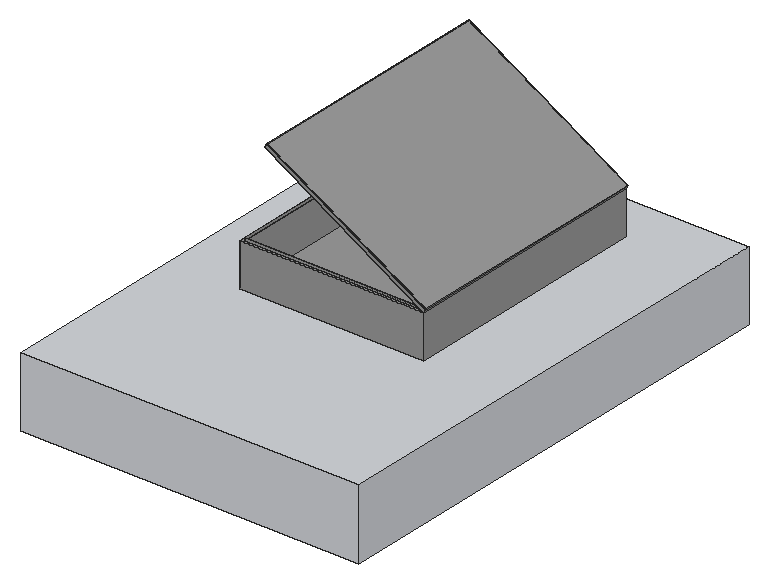
Revit family "Hager-Univers-IP44-D205-H1100-Cl.II-Encl-NL-en", category Equipement électrique, Revit 2020
Family settings
  Hôte = Face
  Configuration du panneau = Deux colonnes, circuits au sein
  Cote de connecteur circulaire = Utiliser le diamètre
  Type d'élément = Tableau de raccordement
  Couper avec des vides une fois chargée = Non
  Partagée = Non
  Point de calcul de pièce = Non
Parameters (values of type "Surface mounted (plaster) IP44 W800 H1100 D205  - FP73QS")
  Width Control [instance] = if([EF000008 - Width] > Min Width, [EF000008 - Width], Min Width)  # 800 mm
  Commentaires du type = [HG000003 - Range]  # "Univers"
  Thickness Door [instance] = if([EF009171 - Material plate thickness door/cover] > 3 mm, 3 mm, [EF009171 - Material plate thickness door/cover])  # 1 mm
  Seal Frame Offset [instance] = 17 mm  # constant formula
  Plinth Visibility [instance] = [HG000027 - Plinth height] > 0 mm  # no
  Model = ""
  Min Width [instance] = 100 mm  # constant formula
  Min Height [instance] = 100 mm  # constant formula
  Min Depth [instance] = (2 * [EF009170 - Material plate thickness cabinet]) + 1 mm  # 3 mm
  Internal Frame Depth [instance] = (Door System Depth * 0.5)  # 9 mm
  Height Control [instance] = if([EF000040 - Height] > Min Height, [EF000040 - Height], Min Height)  # 1100 mm
  HG000027 - Plinth height = 0 mm
  HG000026 - Floor standing = no
  HG000024 - Bottom section height = 800 mm
  HG000023 - Double section enclosure = no
  HG000016 - Door 3d visibility [instance] = yes
  HG000015 - Clearance visibility [instance] = no
  HG000014 - Door on the right [instance] = yes
  HG000013 - Door on the left [instance] = not([HG000014 - Door on the right])  # no
  HG000012 - Door swing angle [instance] = 30.00°
  HG000010 - Asymmetric doors = no
  HG000009 - Double swing door = no
  HG000006 - Flush mounted = no
  HG000004 - Manufacturer reference = "FP73QS"
  HG000003 - Range = "Univers"
  HG000002 - With door or cover = yes
  Frame Offset Bottom [instance] = 10 mm  # constant formula
  Frame Offset [instance] = 15 mm  # constant formula
  EF015940 - Cover with overpressure release = no
  EF011959 - Degree of protection (NEMA) = ""
  EF009554 - Number of openings for flange plates = 6
  EF009212 - Cover model = "EV000116 - Closed"
  EF009171 - Material plate thickness door/cover = 1 mm
  EF009170 - Material plate thickness cabinet = 1 mm
  Fabricant = "Hager"  # constant formula
  EF008873 - Nominal current (In) = 250 A
  EF007800 - Suitable for lightning protection = no
  EF006306 - With lock = no
  EF006244 - Transparent cover/door = no
  EF005474 - Degree of protection (IP) = "EV006418 - IP44"
  EF004464 - Type of door = "EV002646 - Single"
  EF004427 - Number of modules = 252
  EF004293 - Impact strength = "EV006815 - IK09"
  EF003532 - Suitable for outdoor use = no
  EF002950 - Width in number of modular spacings = 36
  EF001613 - Circuit integrity = "EV000494 - None"
  EF001596 - Material housing = "EV000179 - Steel"
  EF001131 - Internal depth = 143 mm
  EF001088 - Extension possible = yes
  EF000437 - Number of conduit inlets = 6
  EF000339 - Type of cover = "EV001012 - Cover"
  EF000266 - Number of rows = 7
  EF000218 - Built-in depth = 0 mm
  EF000118 - With mounting plate = no
  EF000116 - RAL-number = "9010"
  EF000049 - Depth = 205 mm
  EF000040 - Height = 1100 mm
  EF000008 - Width = 800 mm
  EF000007 - Colour = "EV000202 - White"
  EF000003 - Mounting method = "EV000384 - Surface mounted (plaster)"
  Door System Leaf Tolerance [instance] = 1.5 mm  # constant formula
  Door System Depth [instance] = 18 mm  # constant formula
  Door Height [instance] = Height Control - [HG000027 - Plinth height]  # 1100 mm
  Depth Control [instance] = if([EF000049 - Depth] > Min Depth, [EF000049 - Depth], Min Depth)  # 205 mm
  Default Elevation = 0 mm
  Connector Offset [instance] = Height Control / 2  # 550 mm
  Bottom Top Plate Trim [instance] = 1.5 mm  # constant formula
  Plinth height Ctrl [instance] = if([HG000027 - Plinth height] > 0 mm, [HG000027 - Plinth height], 12 mm)  # 12 mm
Types (5, lengths in mm): name | Width Control | HG000009 - Double swing door | HG000004 - Manufacturer reference | EF009554 - Number of openings for flange plates | EF004464 - Type of door | EF004427 - Number of modules | EF002950 - Width in number of modular spacings | EF000437 - Number of conduit inlets | EF000008 - Width
  Surface mounted (plaster) IP44 W1050 H1100 D205  - FP74QS | 1050 | yes | "FP74QS" | 8 | "EV003602 - Double" | 336 | 48 | 8 | 1050
  Surface mounted (plaster) IP44 W1300 H1100 D205  - FP75QS | 1300 | yes | "FP75QS" | 10 | "EV003602 - Double" | 420 | 60 | 10 | 1300
  Surface mounted (plaster) IP44 W300 H1100 D205  - FP71QS | 300 | no | "FP71QS" | 2 | "EV002646 - Single" | 84 | 12 | 2 | 300
  Surface mounted (plaster) IP44 W550 H1100 D205  - FP72QS | 550 | no | "FP72QS" | 4 | "EV002646 - Single" | 168 | 24 | 4 | 550
  Surface mounted (plaster) IP44 W800 H1100 D205  - FP73QS | 800 | no | "FP73QS" | 6 | "EV002646 - Single" | 252 | 36 | 6 | 800
Reference planes
  plane 1 "Center (Front/Back)": y = 0
  plane 2: z = 0
  plane 3 "Center (Left/Right)": x = 0
  plane 4: z = 205
  plane 5: y = 1
  plane 6: y = 550
  plane 7: y = 0
  plane 8: y = 1100
  plane 9: z = 0
  plane 10: x = -385
  plane 11: x = 385
  plane 12: x = 384
  plane 13: x = -384
  plane 14: y = 1099
  plane 15: x = -383
  plane 16: x = -400
  plane 17: x = 383
  plane 18: x = 400
  plane 19: x = 399
  plane 20: x = -399
  plane 21: y = 11
  plane 22: y = 1100
  plane 23: y = 1084
  plane 24: z = 187
  plane 25: z = 1
  plane 26: z = 186
  plane 27: z = 204
Forms (mm)
  Extrusion 1, solid
    sketch origin (0, 0, 0) x (1, 0, 0) y (0, 1, 0)
      loop
        line (-702.964, 1305) -> (-702.964, -811.445) -> (766.763, -811.445) -> (766.763, 1305) -> (-702.964, 1305)
    from 0 to -304.8
  Extrusion 2, solid, material "Hager_Steel_RAL7035_Light_Grey", visible <- "Plinth Visibility", detail levels medium+fine
    sketch origin (0, 0, 0) x (1, 0, 0) y (0, 1, 0)
      loop
        line (-400, 0) -> (400, 0) -> (400, 12) -> (-400, 12) -> (-400, 0)
    from 0 to 187
  Extrusion 3, solid, material "Hager_Steel_RAL7035_Light_Grey", detail levels medium+fine
    sketch origin (0, 0, 0) x (1, 0, 0) y (0, 1, 0)
      loop
        line (-400, 0) -> (400, 0) -> (400, 1100) -> (-400, 1100) -> (-400, 0)
    from 0 to 187
  Extrusion 4, void
    sketch origin (0, 0, 0) x (1, 0, 0) y (0, 1, 0)
      loop
        line (-399, 1) -> (399, 1) -> (399, 1099) -> (-399, 1099) -> (-399, 1)
    from 1 to 186
  Extrusion 5, void
    sketch origin (-381.607, -4572, 187) x (0, -1, 0) y (-1, 0, 0)
      loop
        line (-4583, 2.393) -> (-5656, 2.393) -> (-5656, -765.607) -> (-4583, -765.607) -> (-4583, 2.393)
    from 0 to 1 <- "EF009170 - Material plate thickness cabinet"
  Extrusion 6, solid, material "Hager_Steel_RAL7035_Light_Grey", detail levels fine
    sketch origin (0, 0, 187) x (1, 0, 0) y (0, 1, 0)
      loop
        line (-384, 1084) -> (-384, 11) -> (384, 11) -> (384, 1084) -> (-384, 1084)
      loop
        line (-385, 10) -> (385, 10) -> (385, 1085) -> (-385, 1085) -> (-385, 10)
    from 0 to 9 <- "Internal Frame Depth"
  Extrusion 7, solid, material "Hager_Steel_RAL7035_Light_Grey", detail levels coarse
    sketch origin (0, 0, 0) x (1, 0, 0) y (0, 1, 0)
      loop
        line (-400, 0) -> (400, 0) -> (400, 1100) -> (-400, 1100) -> (-400, 0)
    from 0 to 205
  Sweep 8, void
    path in 3D
      loop
        line (-400, 12, 0) -> (400, 12, 0) -> (400, 12, 187) -> (-400, 12, 187) -> (-400, 12, 0)
    profile origin (-400, 12, 93.5) x (-1, 0, 0) y (0, -1, 0)
      loop
        line (0, 0) -> (0, 1.5) -> (-1.5, 1.5)
        arc (-1.5, 1.5) -> (-1.061, 0.439) -> (0, 0) r 1.5
Cuts and joins
  Extrusion 4, Extrusion 5 cuts Extrusion 3
  Sweep 8 cuts Extrusion 2
Lines and regions (mm)
  Masking region 1
    outline origin (0, 0, 0) x (1, 0, 0) y (0, 0, 1)
      loop
        line (-400, 205) -> (-400, 0) -> (400, 0) -> (400, 205) -> (-400, 205)
  Masking region 2, detail levels medium+fine
    outline origin (0, 140, 0) x (0, 1, 0) y (0, 0, 1)
      loop
        line (-140, 0) -> (960, 0) -> (960, 187) -> (-140, 187) -> (-140, 0)
  Masking region 3, not visible, detail levels medium+fine
    outline origin (0, 297.922, 0) x (0, 1, 0) y (0, 0, 1)
      loop
        line (263.578, 0) -> (303.578, 0) -> (303.578, 194)
        arc (303.578, 194) -> (300.649, 201.071) -> (293.578, 204) r 10
        line (293.578, 204) -> (263.578, 204) -> (263.578, 0)
  Masking region 4, detail levels coarse
    outline origin (0, 0, 180) x (0, 1, 0) y (0, 0, 1)
      loop
        line (0, -180) -> (1100, -180) -> (1100, 25) -> (0, 25) -> (0, -180)
  Masking region 5, visible <- "Plinth Visibility", detail levels medium+fine
    outline origin (0, 52.24, 12.345) x (0, 0, -1) y (0, 1, 0)
      loop
        line (10.845, -40.24) -> (-173.155, -40.24)
        arc (-173.155, -40.24) -> (-173.594, -41.301) -> (-174.655, -41.74) r 1.5
        line (-174.655, -41.74) -> (-174.655, -52.24) -> (12.345, -52.24) -> (12.345, -41.74)
        arc (12.345, -41.74) -> (11.285, -41.301) -> (10.845, -40.24) r 1.5
  Masking region 6, detail levels medium+fine
    outline origin (-381.607, -4572, 187) x (-1, 0, 0) y (0, -1, 0)
      loop
        line (18.393, -5672) -> (18.393, -4572) -> (-781.607, -4572) -> (-781.607, -5672) -> (18.393, -5672)
  Masking region 7, visible <- "Plinth Visibility", detail levels medium+fine
    outline origin (-381.607, -4727, 187) x (-1, 0, 0) y (0, -1, 0)
      loop
        arc (16.893, -4739) -> (17.332, -4737.939) -> (18.393, -4737.5) r 1.5
        line (18.393, -4737.5) -> (18.393, -4727) -> (-781.607, -4727) -> (-781.607, -4737.5)
        arc (-781.607, -4737.5) -> (-780.546, -4737.939) -> (-780.107, -4739) r 1.5
        line (-780.107, -4739) -> (16.893, -4739)
  Masking region 8, detail levels coarse
    outline origin (-442.548, -4669.526, 187) x (-1, 0, 0) y (0, -1, 0)
      loop
        line (-42.548, -5769.526) -> (-42.548, -4669.526) -> (-842.548, -4669.526) -> (-842.548, -5769.526) -> (-42.548, -5769.526)
  sketch lines
    curve 1: line (-400, 12, 187) -> (-400, 12, 0)
    curve 2: line (400, 12, 187) -> (-400, 12, 187)
    curve 3: line (400, 12, 187) -> (400, 12, 0)
    curve 4: line (-400, 12, 0) -> (400, 12, 0)
Dimensions and locks
  "Depth Control": plane 4 to Extrusion 1
  "HG000027 - Plinth height": plane 1 "Center (Front/Back)" to plane 7
  "EF009170 - Material plate thickness cabinet": plane 5 to plane 7
  locked: connector elem to plane 3 "Center (Left/Right)"
  equal spacing: plane 8, plane 6, plane 7
  locked: connector elem to plane 6
  "EF009170 - Material plate thickness cabinet": plane 8 to plane 14
  "EF009170 - Material plate thickness cabinet": plane 10 to plane 13
  "EF009170 - Material plate thickness cabinet": plane 12 to plane 11
  "Frame Offset": plane 20 to plane 13
  "Frame Offset": plane 12 to plane 19
  "EF009170 - Material plate thickness cabinet": plane 16 to plane 20
  "EF009170 - Material plate thickness cabinet": plane 19 to plane 18
  "Seal Frame Offset": plane 16 to plane 15
  "Seal Frame Offset": plane 17 to plane 18
  "Frame Offset Bottom": plane 21 to plane 5
  "Frame Offset": plane 14 to plane 23
  equal spacing: plane 16, plane 3 "Center (Left/Right)", plane 18
  "Width Control": plane 16 to plane 18
  "EF009170 - Material plate thickness cabinet": plane 4 to plane 27
  "EF009170 - Material plate thickness cabinet": plane 24 to plane 26
  "EF009170 - Material plate thickness cabinet": plane 25 to level
  "Door System Depth": plane 4 to plane 24
  "Height Control": plane 1 "Center (Front/Back)" to Extrusion 7 sketch curve
  "Height Control": Masking region 4 sketch curve to plane 1 "Center (Front/Back)"
  "Height Control": plane 1 "Center (Front/Back)" to plane 22
  "Bottom Top Plate Trim": profile plane to Sweep 8 sketch curve
  "Bottom Top Plate Trim": Sweep 8 sketch curve to profile plane
  "Plinth height Ctrl": plane 1 "Center (Front/Back)" to Extrusion 2 sketch curve
  "Plinth height Ctrl": Masking region 5 sketch curve to plane 1 "Center (Front/Back)"
  "Plinth height Ctrl": plane 1 "Center (Front/Back)" to Masking region 7 sketch curve
  "Thickness Door": Extrusion 6 sketch curve to Extrusion 6 sketch curve  (x3)
  "Thickness Door": cut or joined group of Extrusion 3, Extrusion 4, Extrusion 5 to Extrusion 6 sketch curve
  radius of Masking region 3 sketch curve = 10 mm
  "Bottom Top Plate Trim": radius of Masking region 5 sketch curve  (x2)
  "Bottom Top Plate Trim": radius of Sweep 8 sketch curve
  "Bottom Top Plate Trim": radius of Masking region 7 sketch curve  (x2)
  aligned and locked: plane 2 to Extrusion 1
  aligned and locked: level to Extrusion 1
  aligned and locked: level to Masking region 1 sketch curve
  aligned and locked: Masking region 1 sketch curve to plane 18
  aligned and locked: Masking region 1 sketch curve to plane 16
  aligned and locked: plane 7 to Masking region 2 sketch curve
  aligned and locked: level to Masking region 3 sketch curve
  aligned and locked: Masking region 3 sketch curve to plane 27
  aligned and locked: level to Masking region 2 sketch curve
  aligned and locked: plane 1 "Center (Front/Back)" to Extrusion 2 sketch curve
  aligned and locked: Extrusion 3 sketch curve to plane 7
  aligned and locked: plane 16 to Extrusion 3 sketch curve
  aligned and locked: plane 18 to Extrusion 3 sketch curve
  aligned and locked: plane 20 to Extrusion 4 sketch curve
  aligned and locked: plane 19 to Extrusion 4 sketch curve
  aligned and locked: Extrusion 4 sketch curve to plane 5
  aligned and locked: Extrusion 4 to plane 25
  aligned and locked: plane 26 to Extrusion 4
  aligned and locked: plane 24 to Extrusion 3
  aligned and locked: Extrusion 5 sketch curve to plane 21
  aligned and locked: Extrusion 5 sketch curve to plane 13
  aligned and locked: Extrusion 5 sketch curve to plane 12
  aligned and locked: plane 18 to Extrusion 7 sketch curve
  aligned and locked: plane 1 "Center (Front/Back)" to Extrusion 7 sketch curve
  aligned and locked: plane 16 to Extrusion 7 sketch curve
  aligned and locked: plane 4 to Extrusion 7
  aligned and locked: Extrusion 7 to level
  aligned and locked: level to Masking region 4 sketch curve
  aligned and locked: Masking region 4 sketch curve to plane 1 "Center (Front/Back)"
  aligned and locked: Masking region 4 sketch curve to plane 4
  aligned and locked: nested 1 to level
  aligned and locked: nested 1 to plane 16
  aligned and locked: plane 8 to Extrusion 3 sketch curve
  aligned and locked: plane 23 to Extrusion 5 sketch curve
  aligned and locked: plane 14 to Extrusion 4 sketch curve
  aligned and locked: Masking region 2 sketch curve to plane 8
  aligned and locked: level to Masking region 5 sketch curve
  aligned and locked: plane 16 to Extrusion 2 sketch curve
  aligned and locked: plane 18 to Extrusion 2 sketch curve
  aligned and locked: Masking region 5 sketch curve to plane 24
  aligned and locked: Masking region 2 sketch curve to plane 24
  aligned and locked: plane 24 to Extrusion 2
  aligned and locked: profile plane to Sweep 8 sketch curve  (x2)
  aligned and locked: Masking region 6 sketch curve to plane 18
  aligned and locked: Masking region 6 sketch curve to plane 22
  aligned and locked: Masking region 6 sketch curve to plane 16
  aligned and locked: plane 8 to plane 22
  aligned and locked: Masking region 6 sketch curve to plane 7
  aligned and locked: Masking region 7 sketch curve to plane 16
  aligned and locked: Masking region 7 sketch curve to plane 1 "Center (Front/Back)"
  aligned and locked: Masking region 7 sketch curve to plane 18
  aligned and locked: Masking region 8 sketch curve to plane 1 "Center (Front/Back)"
  aligned and locked: Masking region 8 sketch curve to plane 18
  aligned and locked: Masking region 8 sketch curve to plane 22
  aligned and locked: Masking region 8 sketch curve to plane 16
  aligned and locked: nested 2 to plane 7
  aligned and locked: plane 3 "Center (Left/Right)" to nested 2
  aligned and locked: nested 2 to plane 24
  aligned and locked: Extrusion 6 sketch curve to cut or joined group of Extrusion 3, Extrusion 4, Extrusion 5  (x4)
Automatic sketch dimensions
  Extrusion 1 sketch curve to Extrusion 1 sketch curve = 1469.727 mm
  Extrusion 1 sketch curve to Extrusion 1 sketch curve = 2116.445 mm
  Masking region 1 sketch curve to plane 4 = 0 mm
  plane 6 to Masking region 3 sketch curve = 11.5 mm
  Masking region 3 sketch curve to Masking region 3 sketch curve = 30 mm
  Masking region 5 sketch curve to plane 1 "Center (Front/Back)" = 0 mm
Nested families
  nested 1: "Hager_Enclosure_Symbol" at (-400, 0, 0) x (1, 0, 0) z (0, -1, 0), Height <- "Depth Control", Width <- "Width Control", type "Hager_Enclosure_Symbol"
    with Width_Ctrl 800 mm, Width 800 mm, Height_Ctrl 205 mm, Height 205 mm, A_Width_Int 13.453 mm, A_Width 161.438 mm, A_Height_Ctrl 179.375 mm, A_Height 179.375 mm
  nested 2: "EC000058_Univers_Door" at (0, 0, 187) x (1, 0, 0) z (0, 1, 0), Leaf_Tolerance <- "Door System Leaf Tolerance", Angle <- "HG000012 - Door swing angle", Door_Depth <- "Door System Depth", Door_Left <- "HG000013 - Door on the left", Transparent <- "EF006244 - Transparent cover/door", Assymetrical <- "HG000010 - Asymmetric doors", Width <- "Width Control", Clearance <- "HG000015 - Clearance visibility", Double <- "HG000009 - Double swing door", 3d_Door <- "HG000016 - Door 3d visibility", Lock_Visibility <- "EF006306 - With lock", Width_Ctrl <- "Width Control", Door_Right <- "HG000014 - Door on the right", Door <- "HG000002 - With door or cover", Height <- "Door Height", Thickness <- "Thickness Door", type "EC000058_Univers_Door", detail levels medium+fine
    with min_wh 3 mm, Width_Ctrl 800 mm, Width 800 mm, Transparent no, Thickness 1 mm, Seal_Material Hager_Rubber, Lock_Visibility no, Lock_Material Hager_Plastic_RAL9005_Jet_Black, Leaf_Width 800 mm, Leaf_Tolerance_External_Sides 0 mm, Leaf_Tolerance 1.5 mm, Leaf_Offset 0 mm, Leaf_Height 1097 mm, Leaf_2_Width 800 mm, Leaf_2_Offset 400 mm, Leaf_1_Width 800 mm, Leaf_1_Offset 400 mm, Height_Ctrl 1100 mm, Height 1100 mm, Glass_Material Hager_Glass, Double_Clearance_Ctrl no, Double no, Door_Right_Ctrl yes, Door_Right yes, Door_Material Hager_Steel_RAL7035_Light_Grey, Door_Left_Ctrl no, Door_Left no, Door_Depth 18 mm, Door yes, Clearance_Material Hager_Clearance, Clearance_Depth 800 mm, Clearance_Ctrl no, Clearance no, Assymetrical no, Angle 30.00°, 3d_Door yes
Connectors
  electrical at (0, 550, 0)
    settings: on plane 9, index 1, voltage 0 V, apparent load 0 VA, apparent load phase1 0 VA, apparent load phase2 0 VA, apparent load phase3 0 VA, power factor 1, load classification "Other", number of poles 1, system type 30, power factor state 1, is connector primary yes, connector utility no, sub classification motor no, connector description ""
Definition of nested family "EC000058_Univers_Door"
  Parameters (values of type "EC000058_Univers_Door")
    min_wh [instance] = (2 * Thickness) + 1 mm  # 11 mm
    Width_Ctrl [instance] = 400 mm
    Width [instance] = 500 mm
    Transparent [instance] = yes
    Thickness [instance] = 5 mm
    Seal_Material [instance] = none
    Lock_Visibility [instance] = yes
    Lock_Material [instance] = none
    Leaf_Width [instance] = if((Width_Ctrl - 2 * Leaf_Tolerance_External_Sides) > 0 mm, (Width_Ctrl - 2 * Leaf_Tolerance_External_Sides), min_wh)  # 400 mm
    Leaf_Tolerance_External_Sides [instance] = 0 mm  # constant formula
    Leaf_Tolerance [instance] = 1.5 mm
    Leaf_Offset [instance] = 0 mm  # constant formula
    Leaf_Height [instance] = if((Height_Ctrl - 2 * Leaf_Tolerance) > 0 mm, (Height_Ctrl - 2 * Leaf_Tolerance), min_wh)  # 497 mm
    Leaf_2_Width [instance] = if(and(and(Double, Assymetrical), Door_Left), (Leaf_Width / 3) - (Leaf_Tolerance / 2), if(and(and(Double, Assymetrical), Door_Right), (Leaf_Width / 3) * 2 - (Leaf_Tolerance / 2), if(and(Double, not(Assymetrical)), (Leaf_Width / 2) - Leaf_Tolerance, Leaf_Width)))  # 400 mm
    Leaf_2_Offset [instance] = if(and(Double, Assymetrical), Leaf_2_Width / 2, if(and(Double, not(Assymetrical)), Leaf_Width / 4, Leaf_Width / 2))  # 200 mm
    Leaf_1_Width [instance] = if(and(and(Double, Assymetrical), Door_Right), (Leaf_Width / 3) - (Leaf_Tolerance / 2), if(and(and(Double, Assymetrical), Door_Left), (Width / 3) * 2 - (Leaf_Tolerance / 2), if(and(Double, not(Assymetrical)), (Leaf_Width / 2) - Leaf_Tolerance, Leaf_Width)))  # 400 mm
    Leaf_1_Offset [instance] = if(and(Double, Assymetrical), Leaf_1_Width / 2, if(and(Double, not(Assymetrical)), Leaf_Width / 4, Leaf_Width / 2))  # 200 mm
    Height_Ctrl [instance] = if(Height > min_wh, Height, min_wh)  # 500 mm
    Height [instance] = 500 mm
    Glass_Material [instance] = none
    Double_Clearance_Ctrl [instance] = and(Double, Clearance)  # no
    Double [instance] = no
    Door_Right_Ctrl [instance] = and(or(Door_Right, Double), Door)  # yes
    Door_Right [instance] = yes
    Door_Material [instance] = none
    Door_Left_Ctrl [instance] = and(or(Door_Left, Double), Door)  # no
    Door_Left [instance] = no
    Door_Depth [instance] = 30 mm
    Door [instance] = yes
    Default Elevation = 1219.2 mm
    Clearance_Material [instance] = none
    Clearance_Depth [instance] = if(Leaf_1_Width > Leaf_2_Width, Leaf_1_Width, Leaf_2_Width)  # 400 mm
    Clearance_Ctrl [instance] = and(not(Double), Clearance)  # yes
    Clearance [instance] = yes
    Assymetrical [instance] = yes
    Angle [instance] = 30.00°
    3d_Door [instance] = yes
  Reference planes
    plane 1 "Center (Front/Back)": y = 0
    plane 2 "Bottom": z = 0
    plane 3 "Center (Left/Right)": x = 0
    plane 4: z = 500
    plane 5: x = -200
    plane 6: x = 200
    plane 7: z = 500
    plane 8: x = -200
    plane 9: z = 0
    plane 10: x = 200
    plane 11: y = 0
    plane 12: z = 1.5
    plane 13: x = -600
    plane 14: y = -400
    plane 15: x = 600
    plane 16: x = 0
    plane 17: x = 0
    plane 18: x = -200
    plane 19: x = 200
    plane 20: z = 498.5
  Forms (mm)
    Extrusion 1, solid, material <- "Clearance_Material", visible <- "Double_Clearance_Ctrl"
      sketch origin (1200, 0, 0) x (1, 0, 0) y (0, 0, -1)
        loop
          line (-1800, -498.5) -> (-600, -498.5) -> (-600, 0) -> (-1800, 0) -> (-1800, -498.5)
      from 0 to -400
  Dimensions and locks
    equal spacing: plane 5, plane 3 "Center (Left/Right)", plane 6
    "Width_Ctrl": plane 5 to plane 6
    "Leaf_Offset": plane 5 to plane 8
    "Leaf_Offset": plane 6 to plane 10
    "Leaf_Offset": plane 9 to level
    "Leaf_Offset": plane 4 to plane 7
    "Height_Ctrl": plane 4 to level
    "Leaf_Tolerance": plane 12 to plane 9
    locked: plane 11 to plane 1 "Center (Front/Back)"
    "Leaf_1_Offset": plane 18 to plane 16
    "Leaf_2_Offset": plane 17 to plane 19
    "Leaf_1_Width": plane 13 to plane 8
    "Leaf_2_Width": plane 10 to plane 15
    "Clearance_Depth": plane 14 to plane 1 "Center (Front/Back)"
    "Leaf_Tolerance_External_Sides": plane 8 to plane 18
    "Leaf_Tolerance_External_Sides": plane 19 to plane 10
    "Leaf_Tolerance": plane 7 to plane 20
    aligned and locked: level to plane 2 "Bottom"
    aligned and locked: nested 1 to plane 16
    aligned and locked: nested 2 to plane 17
    aligned and locked: Extrusion 1 to plane 13
    aligned and locked: plane 15 to Extrusion 1
    aligned and locked: Extrusion 1 to plane 14
    aligned and locked: plane 12 to nested 1
    aligned and locked: nested 2 to plane 12
    aligned and locked: Extrusion 1 to plane 11
    aligned and locked: plane 20 to Extrusion 1
    aligned and locked: nested 2 to plane 11
    aligned and locked: nested 1 to plane 11
  Automatic sketch dimensions
    Extrusion 1 sketch curve to level = 0 mm
    plane 5 to Extrusion 1 sketch curve = 400 mm
    plane 6 to Extrusion 1 sketch curve = 400 mm
    Extrusion 1 sketch curve to plane 4 = 1.5 mm
  Nested families
    nested 1: "EC000058_Univers_Door_Leaf" at (0, 0, 1.5), Width <- "Leaf_1_Width", visible <- "Door_Left_Ctrl", Leaf_Height <- "Leaf_Height", Angle <- "Angle", 3d_Door <- "3d_Door", Transparent <- "Transparent", Clearance Material <- "Clearance_Material", Clearance <- "Clearance_Ctrl", Door_Material <- "Door_Material", Glass_Material <- "Glass_Material", Door_Depth <- "Door_Depth", Lock_Material <- "Lock_Material", Seal_Material <- "Seal_Material", Lock_Visibility <- "Lock_Visibility", Thickness <- "Thickness", type "EC000058_Univers_Door_Leaf"
      with Width 400 mm, Transparent_Glass_Offset 30 mm, Transparent_Ctrl yes, Transparent yes, Thickness 5 mm, Standard no, Seal_Material none, Seal_D2 8 mm, Seal_D1 1 mm, Offset_Internal_Frame 10 mm, Lock_Width 20 mm, Lock_Visibility_3d yes, Lock_Visibility yes, Lock_Thickness_3 3 mm, Lock_Thickness_2 1 mm, Lock_Thickness_1 3 mm, Lock_Radius_Offset_2 16 mm, Lock_Radius_Offset_1 15 mm, Lock_Radius_2 5 mm, Lock_Radius 6 mm, Lock_Offset 5 mm, Lock_Material none, Lock_Height 80 mm, Lock_Cover_Top_Offset_2d 17 mm, Lock_Cover_Height -65 mm, Leaf_Height 497 mm, Internal_Seal_Thickness 8 mm, Internal_Seal_Depth_2 4.5 mm, Internal_Frame_Depth 25 mm, Glass_Thickness -1 mm, Glass_Offset -2 mm, Glass_Material none, Door_Material none, Door_Depth 30 mm, Clearance Material none, Clearance yes, Angle_Ctrl 30.00°, Angle 30.00°, 3d_Door yes
    nested 2: "EC000058_Univers_Door_Leaf" at (0, 0, 1.5) x (-1, 0, 0) z (0, 0, 1), Width <- "Leaf_2_Width", visible <- "Door_Right_Ctrl", Leaf_Height <- "Leaf_Height", Angle <- "Angle", 3d_Door <- "3d_Door", Transparent <- "Transparent", Clearance Material <- "Clearance_Material", Clearance <- "Clearance_Ctrl", Door_Material <- "Door_Material", Glass_Material <- "Glass_Material", Door_Depth <- "Door_Depth", Lock_Material <- "Lock_Material", Seal_Material <- "Seal_Material", Lock_Visibility <- "Lock_Visibility", Thickness <- "Thickness", type "EC000058_Univers_Door_Leaf"
      with Width 400 mm, Transparent_Glass_Offset 30 mm, Transparent_Ctrl yes, Transparent yes, Thickness 5 mm, Standard no, Seal_Material none, Seal_D2 8 mm, Seal_D1 1 mm, Offset_Internal_Frame 10 mm, Lock_Width 20 mm, Lock_Visibility_3d yes, Lock_Visibility yes, Lock_Thickness_3 3 mm, Lock_Thickness_2 1 mm, Lock_Thickness_1 3 mm, Lock_Radius_Offset_2 16 mm, Lock_Radius_Offset_1 15 mm, Lock_Radius_2 5 mm, Lock_Radius 6 mm, Lock_Offset 5 mm, Lock_Material none, Lock_Height 80 mm, Lock_Cover_Top_Offset_2d 17 mm, Lock_Cover_Height -65 mm, Leaf_Height 497 mm, Internal_Seal_Thickness 8 mm, Internal_Seal_Depth_2 4.5 mm, Internal_Frame_Depth 25 mm, Glass_Thickness -1 mm, Glass_Offset -2 mm, Glass_Material none, Door_Material none, Door_Depth 30 mm, Clearance Material none, Clearance yes, Angle_Ctrl 30.00°, Angle 30.00°, 3d_Door yes
  Definition of nested family "EC000058_Univers_Door_Leaf"
    Parameters (values of type "EC000058_Univers_Door_Leaf")
      Width [instance] = 2000 mm
      Transparent_Glass_Offset [instance] = 30 mm
      Transparent_Ctrl [instance] = and(Transparent, [3d_Door])  # yes
      Transparent [instance] = yes
      Thickness [instance] = 5 mm
      Standard [instance] = and(not(Transparent), [3d_Door])  # no
      Seal_Material [instance] = none
      Seal_D2 [instance] = 8 mm  # constant formula
      Seal_D1 [instance] = 1 mm  # constant formula
      Offset_Internal_Frame [instance] = 10 mm  # constant formula
      Lock_Width [instance] = 20 mm  # constant formula
      Lock_Visibility_3d [instance] = and(Lock_Visibility, [3d_Door])  # yes
      Lock_Visibility [instance] = yes
      Lock_Thickness_3 [instance] = 3 mm  # constant formula
      Lock_Thickness_2 [instance] = 1 mm  # constant formula
      Lock_Thickness_1 [instance] = 3 mm  # constant formula
      Lock_Radius_Offset_2 [instance] = Lock_Radius_Offset_1 + 1 mm  # 16 mm
      Lock_Radius_Offset_1 [instance] = 15 mm  # constant formula
      Lock_Radius_2 [instance] = Lock_Radius - 1 mm  # 5 mm
      Lock_Radius [instance] = 6 mm  # constant formula
      Lock_Offset [instance] = 5 mm  # constant formula
      Lock_Material [instance] = none
      Lock_Height [instance] = 80 mm  # constant formula
      Lock_Cover_Top_Offset_2d [instance] = Lock_Radius_Offset_2 + 1 mm  # 17 mm
      Lock_Cover_Height [instance] = -(Lock_Height - Lock_Radius_Offset_1)  # -65 mm
      Leaf_Height [instance] = 2720.336 mm
      Internal_Seal_Thickness [instance] = 8 mm  # constant formula
      Internal_Seal_Depth_2 [instance] = 4.5 mm  # constant formula
      Internal_Frame_Depth [instance] = if(Door_Depth - Thickness > 5 mm, Door_Depth - Thickness, 5 mm)  # 25 mm
      Glass_Thickness [instance] = if(Thickness > 15 mm, Glass_Offset + 10 mm, -1 mm)  # -1 mm
      Glass_Offset [instance] = if(Thickness > 15 mm, -(Thickness + 10 mm) / 2, -2 mm)  # -2 mm
      Glass_Material [instance] = none
      Door_Material [instance] = none
      Door_Depth [instance] = 30 mm
      Default Elevation = 0 mm
      Clearance Material [instance] = none
      Clearance [instance] = yes
      Angle_Ctrl [instance] = if(Angle > 180.00°, 180.00°, Angle)  # 90.00°
      Angle [instance] = 90.00°
      3d_Door [instance] = yes
    Reference planes
      plane 1 "Center (Front/Back)": y = 0
      plane 2: z = 0
      plane 3 "Center (Left/Right)": x = 0
      plane 4: y = 2000
      plane 5: x = -1000
      plane 6: x = 1000
      plane 7: x = -3000
      plane 8: z = 2720.336
      plane 9: z = 30
      plane 10: z = 2690.336
      plane 11: x = 970
      plane 12: x = -970
      plane 13: y = -3
      plane 14: z = 107.833
      plane 15: y = -5
      plane 16: y = -223.314
      plane 17: x = -1000
      plane 18: z = 1360.168
      plane 19: y = 30
    Forms (mm)
      Extrusion 1, solid, material <- "Clearance Material", visible <- "Clearance"
        sketch origin (0, 0, 0) x (1, 0, 0) y (0, 0, 1)
          loop
            line (-3000, 2720.336) -> (-3000, 0) -> (1000, 0) -> (1000, 2720.336) -> (-3000, 2720.336)
        from 0 to -2000
      Extrusion 2, solid, material <- "Door_Material", visible <- "Standard", detail levels medium+fine
        sketch origin (-1000, 0, 0) x (0, 1, 0) y (-1, 0, 0)
          loop
            line (0, 30) -> (0, 25) -> (2000, 25) -> (2000, 30) -> (0, 30)
        from 0 to 2720.336 <- "Leaf_Height"
      Extrusion 3, solid, material <- "Door_Material", visible <- "Transparent_Ctrl", detail levels medium+fine
        sketch origin (-1000, 0, 0) x (0, 1, 0) y (-1, 0, 0)
          loop
            line (0, 25) -> (2000, 25) -> (2000, 30) -> (0, 30) -> (0, 25)
        from 0 to 2720.336 <- "Leaf_Height"
      Extrusion 4, void
        sketch origin (-1025, 2000, 0) x (0, 1, 0) y (0, 0, -1)
          loop
            line (-30, -2690.336) -> (-30, -30) -> (-1970, -30) -> (-1970, -2690.336) -> (-30, -2690.336)
        from 0 to 5 <- "Thickness"
      Sweep 5, solid, material <- "Seal_Material", visible <- "Transparent_Ctrl", detail levels fine
        path in 3D
          loop
            line (-1025, 30, 30) -> (-1025, 30, 2690.336) -> (-1025, 1970, 2690.336) -> (-1025, 1970, 30) -> (-1025, 30, 30)
        profile origin (-1025, 1000, 30) x (1, 0, 0) y (0, 0, 1)
          loop
            line (0, 0) -> (0, -8) -> (1, -8) -> (1, 0) -> (0, 0)
      Extrusion 6, solid, material <- "Glass_Material", visible <- "Transparent_Ctrl", detail levels medium+fine
        sketch origin (-1030, 0, 0) x (0, 1, 0) y (0, 0, -1)
          loop
            line (1970, -2690.336) -> (1970, -30) -> (30, -30) -> (30, -2690.336) -> (1970, -2690.336)
        from -2 <- "Glass_Offset" to -1 <- "Glass_Thickness"
      Extrusion 7, solid, material <- "Door_Material", visible <- "3d_Door", detail levels medium+fine
        sketch origin (-1025, 2000, 0) x (0, -1, 0) y (0, 0, -1)
          loop
            line (0, -2720.336) -> (2000, -2720.336) -> (2000, 0) -> (0, 0) -> (0, -2720.336)
          loop
            line (1995, -5) -> (5, -5) -> (5, -2715.336) -> (1995, -2715.336) -> (1995, -5)
        from 0 to 25 <- "Internal_Frame_Depth"
      Sweep 8, solid, material <- "Seal_Material", visible <- "Transparent_Ctrl", detail levels fine
        path in 3D
          loop
            line (-1025, 0, 0) -> (-1025, 2000, 0) -> (-1025, 2000, 2720.336) -> (-1025, 0, 2720.336) -> (-1025, 0, 0)
        profile origin (-1025, 0, 1360.168) x (1, 0, 0) y (0, 1, 0)
          loop
            line (0, 10) -> (2.975, 10)
            arc (2.975, 10) -> (4.053, 10.447) -> (4.5, 11.525) r 1.525
            line (4.5, 11.525) -> (4.5, 16.527)
            arc (4.5, 16.527) -> (4.069, 17.569) -> (3.027, 18) r 1.473
            line (3.027, 18) -> (0, 18) -> (0, 10)
      Extrusion 9, solid, material <- "Lock_Material", visible <- "Lock_Visibility_3d", detail levels fine
        sketch origin (-1030, 0, 0) x (0, 1, 0) y (0, 0, -1)
          loop
            arc (1993.5, -1400.168) -> (1994.561, -1399.729) -> (1995, -1398.668) r 1.5
            line (1995, -1398.668) -> (1995, -1320.168) -> (1975, -1320.168) -> (1975, -1398.668)
            arc (1975, -1398.668) -> (1975.439, -1399.729) -> (1976.5, -1400.168) r 1.5
            line (1976.5, -1400.168) -> (1993.5, -1400.168)
        from 3 <- "Lock_Thickness_1" to 0
      Blend 10, solid, material <- "Lock_Material", visible <- "Lock_Visibility_3d", detail levels fine
        base sketch origin (-1033, 0, 0) x (0, 1, 0) y (0, 0, -1)
          loop
            line (1975, -1320.168) -> (1975, -1398.668)
            arc (1975, -1398.668) -> (1975.439, -1399.729) -> (1976.5, -1400.168) r 1.5
            line (1976.5, -1400.168) -> (1993.5, -1400.168)
            arc (1993.5, -1400.168) -> (1994.561, -1399.729) -> (1995, -1398.668) r 1.5
            line (1995, -1398.668) -> (1995, -1320.168) -> (1975, -1320.168)
        top sketch origin (-1033, 0, 0) x (0, 1, 0) y (0, 0, -1)
          loop
            line (1976, -1320.168) -> (1976, -1398.668)
            arc (1976, -1398.668) -> (1976.146, -1399.022) -> (1976.5, -1399.168) r 0.5
            line (1976.5, -1399.168) -> (1993.5, -1399.168)
            arc (1993.5, -1399.168) -> (1993.854, -1399.022) -> (1994, -1398.668) r 0.5
            line (1994, -1398.668) -> (1994, -1320.168) -> (1976, -1320.168)
        from 0 to 1 <- "Lock_Thickness_2"
      Blend 11, solid, material <- "Lock_Material", visible <- "Lock_Visibility_3d", detail levels fine
        base sketch origin (-1034, 0, 0) x (0, 1, 0) y (0, 0, -1)
          loop
            line (1978, -1320.168) -> (1978, -1384.168)
            arc (1978, -1384.168) -> (1985, -1391.168) -> (1992, -1384.168) r 7
            line (1992, -1384.168) -> (1992, -1320.168) -> (1978, -1320.168)
        top sketch origin (-1034, 0, 0) x (0, 1, 0) y (0, 0, -1)
          loop
            line (1991, -1320.168) -> (1979, -1320.168) -> (1979, -1383.168)
            arc (1979, -1383.168) -> (1985, -1389.168) -> (1991, -1383.168) r 6
            line (1991, -1383.168) -> (1991, -1320.168)
        from 0 to 3 <- "Lock_Thickness_3"
      Extrusion 12, solid, material <- "Lock_Material", visible <- "Lock_Visibility_3d", detail levels fine
        sketch origin (-1030, 1975, 1320.168) x (1, 0, 0) y (0, -1, 0)
          loop
            line (-7, -19) -> (-7, -1) -> (0, -1) -> (0, 0) -> (-8, 0) -> (-8, -20) -> (0, -20) -> (0, -19) -> (-7, -19)
        from 0 to -65 <- "Lock_Cover_Height"
      Extrusion 13, void
        sketch origin (-1038, 1995, 1320.168) x (-1, 0, 0) y (0, 0, -1)
          loop
            line (-5, -65) -> (0, -65) -> (-5, -60) -> (-5, -65)
        from 0 to 20 <- "Lock_Width"
      Extrusion 14, void
        sketch origin (-1038, 1975, 1320.168) x (0, -1, 0) y (0, 0, -1)
          loop
            circle (-10, -15.995) r 6
          loop
            circle (-10, -15.995) r 5
        from 0 to 2
      Extrusion 15, solid, material <- "Lock_Material", visible <- "Lock_Visibility_3d", detail levels medium
        sketch origin (-1030, 0, 0) x (0, 1, 0) y (0, 0, -1)
          loop
            arc (1993.5, -1400.168) -> (1994.561, -1399.729) -> (1995, -1398.668) r 1.5
            line (1995, -1398.668) -> (1995, -1320.168) -> (1975, -1320.168) -> (1975, -1398.668)
            arc (1975, -1398.668) -> (1975.439, -1399.729) -> (1976.5, -1400.168) r 1.5
            line (1976.5, -1400.168) -> (1993.5, -1400.168)
        from 8 to 0
    Cuts and joins
      Extrusion 4 cuts Extrusion 3
      Extrusion 13, Extrusion 14 cuts Extrusion 9
      Extrusion 14 cuts Blend 11
      Extrusion 13, Extrusion 14 cuts Extrusion 12
      joined: Extrusion 9, Blend 10, Blend 11, Extrusion 12
      Extrusion 14 cuts Extrusion 15
    Lines and regions (mm)
      Masking region 1, visible <- "Lock_Visibility", detail levels fine
        outline origin (0, 0, 0) x (0, 1, 0) y (0, 0, 1)
          loop
            line (30, 1320.168) -> (33, 1320.168) -> (33, 1400.168) -> (30, 1400.168) -> (30, 1320.168)
      Masking region 2, visible <- "Lock_Visibility", detail levels fine
        outline origin (0, 3.143, 0) x (0, 1, 0) y (0, 0, 1)
          loop
            line (29.857, 1354.168) -> (30.857, 1354.168) -> (30.857, 1366.168) -> (29.857, 1366.168) -> (29.857, 1354.168)
      Masking region 3, detail levels medium+fine
        outline origin (0, 0, 0) x (0, 1, 0) y (0, 0, 1)
          loop
            line (0, 0) -> (30, 0) -> (30, 2720.336) -> (0, 2720.336) -> (0, 0)
      Masking region 4, detail levels medium+fine
        outline origin (0, 0, 0) x (1, 0, 0) y (0, 0, 1)
          loop
            line (-1000, 2720.336) -> (-1000, 0) -> (1000, 0) -> (1000, 2720.336) -> (-1000, 2720.336)
      Masking region 5, visible <- "Lock_Visibility", detail levels fine
        outline origin (-47.116, 0, 0) x (1, 0, 0) y (0, 0, 1)
          loop
            arc (1024.616, 1399.168) -> (1023.556, 1398.729) -> (1023.116, 1397.668) r 1.5
            line (1023.116, 1397.668) -> (1023.116, 1320.168) -> (1041.116, 1320.168) -> (1041.116, 1397.668)
            arc (1041.116, 1397.668) -> (1040.677, 1398.729) -> (1039.616, 1399.168) r 1.5
            line (1039.616, 1399.168) -> (1024.616, 1399.168)
      Masking region 6, visible <- "Lock_Visibility", detail levels medium+fine
        outline origin (-25, 0, 0) x (1, 0, 0) y (0, 0, 1)
          loop
            arc (1001.5, 1400.168) -> (1000.439, 1399.729) -> (1000, 1398.668) r 1.5
            line (1000, 1398.668) -> (1000, 1320.168) -> (1020, 1320.168) -> (1020, 1398.668)
            arc (1020, 1398.668) -> (1019.561, 1399.729) -> (1018.5, 1400.168) r 1.5
            line (1018.5, 1400.168) -> (1001.5, 1400.168)
      Masking region 7, visible <- "Lock_Visibility", detail levels fine
        outline origin (-73.735, 0, 0) x (1, 0, 0) y (0, 0, 1)
          loop
            line (1051.735, 1382.168) -> (1065.735, 1382.168) -> (1065.735, 1384.168)
            arc (1065.735, 1384.168) -> (1058.735, 1391.168) -> (1051.735, 1384.168) r 7
            line (1051.735, 1384.168) -> (1051.735, 1382.168)
      Masking region 8, visible <- "Lock_Visibility", detail levels fine
        outline origin (-73.735, 0, 0) x (1, 0, 0) y (0, 0, 1)
          loop
            line (1052.735, 1382.168) -> (1064.735, 1382.168) -> (1064.735, 1383.168)
            arc (1064.735, 1383.168) -> (1058.735, 1389.168) -> (1052.735, 1383.168) r 6
            line (1052.735, 1383.168) -> (1052.735, 1382.168)
      Masking region 9, visible <- "Lock_Visibility", detail levels fine
        outline origin (-25, 0, 0) x (1, 0, 0) y (0, 0, 1)
          loop
            line (1020, 1320.168) -> (1020, 1382.168) -> (1000, 1382.168) -> (1000, 1320.168) -> (1020, 1320.168)
      Masking region 10, detail levels medium+fine
        outline origin (0, 0, 0) x (1, 0, 0) y (0, 0, 1)
          loop
            circle (985, 1335.144) r 6
      Masking region 11, detail levels fine
        outline origin (0, 0, 0) x (1, 0, 0) y (0, 0, 1)
          loop
            circle (985, 1335.144) r 5
      Masking region 12, visible <- "Lock_Visibility", detail levels fine
        outline origin (0, 12.767, 0) x (0, 1, 0) y (0, 0, 1)
          loop
            line (20.233, 1320.168) -> (21.233, 1320.168) -> (21.233, 1399.168) -> (20.233, 1400.168) -> (20.233, 1320.168)
      Masking region 13, visible <- "Lock_Visibility", detail levels fine
        outline origin (0, 13.767, -10) x (0, 1, 0) y (0, 0, 1)
          loop
            line (20.233, 1330.168) -> (23.233, 1330.168) -> (23.233, 1399.168) -> (20.233, 1402.168) -> (20.233, 1330.168)
      Masking region 14, visible <- "Lock_Visibility", detail levels fine
        outline origin (0, 12.767, -10) x (0, 1, 0) y (0, 0, 1)
          loop
            line (20.233, 1330.168) -> (25.233, 1330.168) -> (25.233, 1399.305) -> (20.233, 1394.305) -> (20.233, 1330.168)
      Masking region 15, visible <- "Lock_Visibility", detail levels medium
        outline origin (0, 0, 0) x (0, 1, 0) y (0, 0, 1)
          loop
            line (30, 1320.168) -> (38, 1320.168) -> (38, 1400.168) -> (30, 1400.168) -> (30, 1320.168)
      Masking region 16, visible <- "Lock_Visibility", detail levels fine
        outline origin (-1000, 0, 0) x (0, 1, 0) y (-1, 0, 0)
          loop
            line (1975, 30) -> (1995, 30) -> (1995, 38) -> (1975, 38) -> (1975, 30)
          loop
            line (1979, 37) -> (1976, 37) -> (1976, 34) -> (1978, 34) -> (1979, 37)
          loop
            line (1994, 37) -> (1991, 37) -> (1992, 34) -> (1994, 34) -> (1994, 37)
      Masking region 17, visible <- "Lock_Visibility", detail levels medium
        outline origin (-1000, 0, 0) x (0, 1, 0) y (-1, 0, 0)
          loop
            line (1975, 30) -> (1995, 30) -> (1995, 38) -> (1975, 38) -> (1975, 30)
      symbolic lines
        curve 1: line (1000, 0, 0) -> (-3000, 0, 0)
        curve 2: arc (1000, 0, 0) -> (-1000, 2000, 0) -> (-3000, 0, 0) r 2000
        curve 4: line (-1030, 0, 0) -> (-1030, 2000, 0)
      reference lines
        curve 3: line (-1000, 0, 0) -> (-1000, 2000, 0)
      symbolic lines, detail levels medium+fine
        curve 5: line (-1030, 2000, 0) -> (-1025, 2000, 0)
        curve 7: line (-1025, 0, 0) -> (-1030, 0, 0)
        curve 8: line (-1025, 0, 0) -> (-1000, 0, 0)
        curve 9: line (-1000, 0, 0) -> (-1000, 2000, 0)
        curve 10: line (-1000, 2000, 0) -> (-1025, 2000, 0)
      symbolic lines, detail levels fine
        curve 6: line (-1025, 2000, 0) -> (-1025, 0, 0)
      sketch lines
        curve 11: line (-1025, 0, 2720.336) -> (-1025, 0, 0)
        curve 12: line (-1025, 2000, 0) -> (-1025, 0, 0)
        curve 13: line (-1025, 2000, 2720.336) -> (-1025, 2000, 0)
        curve 14: line (-1025, 0, 2720.336) -> (-1025, 2000, 2720.336)
        curve 15: line (-1025, 1970, 30) -> (-1025, 30, 30)
        curve 16: line (-1025, 30, 30) -> (-1025, 30, 2690.336)
        curve 17: line (-1025, 1970, 2690.336) -> (-1025, 1970, 30)
        curve 18: line (-1025, 30, 2690.336) -> (-1025, 1970, 2690.336)
      symbolic lines, visible <- "Transparent", detail levels medium+fine
        curve 19: line (-970, 0, 2690.336) -> (970, 0, 2690.336)
        curve 20: line (-970, 0, 30) -> (-970, 0, 2690.336)
        curve 21: line (970, 0, 30) -> (-970, 0, 30)
        curve 22: line (970, 0, 2690.336) -> (970, 0, 30)
    Dimensions and locks
      "Width": plane 1 "Center (Front/Back)" to plane 4
      equal spacing: plane 5, plane 3 "Center (Left/Right)", plane 6
      "Width": plane 5 to plane 6
      "Width": plane 7 to plane 5
      "Leaf_Height": plane 8 to level
      "Width": curve 5 to curve 3
      "Width": curve 3 to curve 3
      plane 8 to plane 10 = 30 mm
      plane 9 to level = 30 mm
      plane 12 to plane 5 = 30 mm
      plane 6 to plane 11 = 30 mm
      Extrusion 1 to Extrusion 4 sketch curve = 30 mm
      "Transparent_Glass_Offset": curve 3 to Extrusion 4 sketch curve
      "Transparent_Glass_Offset": Extrusion 4 sketch curve to cut or joined group of Extrusion 3, Extrusion 4  (x2)
      cut or joined group of Extrusion 3, Extrusion 4 to Extrusion 6 sketch curve = 30 mm
      "Transparent_Glass_Offset": cut or joined group of Extrusion 3, Extrusion 4 to Extrusion 4 sketch curve
      "Thickness": curve 6 to curve 4
      "Thickness": Extrusion 7 sketch curve to Extrusion 7 sketch curve  (x4)
      "Door_Depth": curve 4 to curve 3
      "Offset_Internal_Frame": profile plane to Sweep 8 sketch curve
      "Internal_Seal_Thickness": Sweep 8 sketch curve to Sweep 8 sketch curve
      "Internal_Seal_Depth_2": profile plane to Sweep 8 sketch curve
      "Seal_D1": profile plane to Sweep 5 sketch curve
      "Seal_D2": profile plane to Sweep 5 sketch curve
      "Thickness": Extrusion 2 sketch curve to Extrusion 2 sketch curve
      equal spacing: Extrusion 9 sketch curve, plane 18, Extrusion 9 sketch curve  (x2)
      equal spacing: Masking region 1 sketch curve, plane 18, Masking region 1 sketch curve
      "Lock_Height": Masking region 1 sketch curve to Masking region 1 sketch curve
      "Lock_Radius": Masking region 2 sketch curve to plane 18 to Masking region 2 sketch curve
      Masking region 2 sketch curve to Masking region 1 = 1 mm
      "Door_Depth": plane 19 to plane 1 "Center (Front/Back)"
      "Lock_Thickness_1": Masking region 1 sketch curve to plane 19
      "Lock_Width": Extrusion 9 sketch curve to Extrusion 9 sketch curve
      "Lock_Height": Extrusion 9 sketch curve to Extrusion 9 sketch curve
      "Lock_Offset": cut or joined group of Extrusion 3, Extrusion 4 to Extrusion 9 sketch curve
      equal spacing: plane 8, plane 18, level
      "Lock_Radius_Offset_1": Blend 11 sketch curve to Blend 10
      locked: Blend 10 to Blend 11 sketch curve at 2  (x2)
      locked: var sketch to Blend 11 sketch curve at 1  (x2)
      "Lock_Radius_Offset_2": Blend 11 sketch curve to Blend 10
      locked: Extrusion 12 sketch curve to Extrusion 12 sketch curve at 1  (x3)
      Masking region 6 sketch curve to Masking region 6 sketch curve = 80 mm
      "Lock_Height": Masking region 6 sketch curve to Masking region 6 sketch curve
      "Lock_Width": Masking region 6 sketch curve to Masking region 6 sketch curve
      locked: Masking region 6 to Masking region 5 sketch curve at 1  (x3)
      locked: Masking region 5 to Masking region 7 sketch curve at 2  (x2)
      "Lock_Radius_Offset_1": Masking region 5 to Masking region 7 sketch curve
      "Lock_Radius_Offset_2": Masking region 5 to Masking region 8 sketch curve
      locked: Masking region 7 to Masking region 8 sketch curve at 1  (x2)
      "Lock_Cover_Top_Offset_2d": Masking region 5 to Masking region 9 sketch curve
      equal spacing: Masking region 9, Masking region 10 sketch curve, Masking region 9
      equal spacing: Masking region 9, Masking region 11 sketch curve, Masking region 9
      Extrusion 15 sketch curve to Extrusion 15 sketch curve = 80 mm
      "Lock_Width": Extrusion 15 sketch curve to Extrusion 15 sketch curve
      "Lock_Height": Extrusion 15 sketch curve to Extrusion 15 sketch curve
      equal spacing: Extrusion 15 sketch curve, plane 18, Extrusion 15 sketch curve
      "Lock_Thickness_3": Masking region 13 sketch curve to Masking region 13 sketch curve
      "Lock_Height": Masking region 12 sketch curve to Masking region 12 sketch curve
      locked: Masking region 13 sketch curve to Masking region 1 at 8
      locked: Masking region 14 sketch curve to Masking region 13 at 1
      locked: Masking region 14 sketch curve to Masking region 1 at 10.863
      "Lock_Height": Masking region 15 sketch curve to Masking region 15 sketch curve
      "Lock_Offset": Extrusion 15 sketch curve to cut or joined group of Extrusion 3, Extrusion 4
      "Lock_Offset": plane 6 to Masking region 6 sketch curve
      radius of Sweep 8 sketch curve = 1.525 mm
      radius of Sweep 8 sketch curve = 1.473 mm
      radius of Extrusion 9 sketch curve = 1.5 mm  (x2)
      "Lock_Radius": radius of Extrusion 14 sketch curve
      "Lock_Radius_2": radius of Extrusion 14 sketch curve
      "Lock_Radius": radius of Masking region 10 sketch curve
      "Lock_Radius_2": radius of Masking region 11 sketch curve
      radius of Extrusion 15 sketch curve = 1.5 mm  (x2)
      "Angle_Ctrl": angle plane 1 "Center (Front/Back)" to curve 3
      locked: Masking region 12 sketch curve to Masking region 12 sketch curve (angle 45.00°)
      locked: Masking region 13 sketch curve to Masking region 13 sketch curve (angle 45.00°)
      locked: Masking region 14 sketch curve to Masking region 14 sketch curve (angle 45.00°)
      aligned and locked: level to plane 2
      aligned and locked: Extrusion 1 to curve 1
      aligned and locked: plane 6 to Extrusion 1
      aligned and locked: Extrusion 1 to plane 1 "Center (Front/Back)"
      aligned and locked: plane 4 to Extrusion 1
      aligned and locked: plane 8 to Extrusion 1
      aligned and locked: curve 7 to Extrusion 2 sketch curve
      aligned and locked: curve 5 to Extrusion 2 sketch curve
      aligned and locked: curve 7 to Extrusion 3 sketch curve
      aligned and locked: Extrusion 3 sketch curve to curve 4
      aligned and locked: Extrusion 3 sketch curve to curve 6
      aligned and locked: Extrusion 3 sketch curve to curve 5
      aligned and locked: curve 9 to curve 3
      aligned and locked: Extrusion 7 sketch curve to cut or joined group of Extrusion 3, Extrusion 4  (x4)
      aligned and locked: plane 17 to curve 3
      aligned and locked: plane 1 "Center (Front/Back)" to curve 3
      aligned and locked: plane 17 to plane 5
      aligned and locked: Sweep 8 sketch curve to profile plane
      aligned and locked: Sweep 5 sketch curve to profile plane  (x2)
      aligned and locked: Masking region 1 to Masking region 2 sketch curve
      aligned and locked: plane 19 to Masking region 1 sketch curve
      aligned and locked: plane 1 "Center (Front/Back)" to Masking region 3 sketch curve
      aligned and locked: plane 19 to Masking region 3 sketch curve
      aligned and locked: level to Masking region 3 sketch curve
      aligned and locked: Masking region 3 sketch curve to plane 8
      aligned and locked: plane 17 to Masking region 4 sketch curve
      aligned and locked: level to Masking region 4 sketch curve
      aligned and locked: Masking region 4 sketch curve to plane 8
      aligned and locked: plane 12 to curve 20
      aligned and locked: plane 10 to curve 19
      aligned and locked: plane 11 to curve 22
      aligned and locked: curve 21 to plane 9
      aligned and locked: Extrusion 2 sketch curve to cut or joined group of Extrusion 3, Extrusion 4
      aligned and locked: Blend 10 sketch curve to Extrusion 9  (x4)
      aligned and locked: Extrusion 9 to Blend 10 sketch curve
      aligned and locked: Blend 10 to Blend 11 sketch curve
      aligned and locked: Extrusion 12 sketch curve to Blend 11
      aligned and locked: Extrusion 12 sketch curve to Extrusion 9  (x4)
      aligned and locked: Masking region 5 sketch curve to Masking region 6
      aligned and locked: Masking region 9 sketch curve to Masking region 6  (x3)
      aligned and locked: Masking region 12 sketch curve to Masking region 1
      aligned and locked: Masking region 13 sketch curve to Masking region 1
      aligned and locked: Masking region 12 to Masking region 14
      aligned and locked: Masking region 14 sketch curve to Masking region 1
      aligned and locked: Masking region 15 sketch curve to Masking region 14
      aligned and locked: Masking region 13 sketch curve to Masking region 12
      aligned and locked: Masking region 16 sketch curve to cut or joined group of Extrusion 14, Extrusion 15  (x4)
      aligned and locked: Masking region 16 sketch curve to cut or joined group of Extrusion 9, Blend 10, Blend 11, Extrusion 12, Extrusion 13, Extrusion 14  (x6)
      aligned and locked: cut or joined group of Extrusion 9, Blend 10, Blend 11, Extrusion 12, Extrusion 13, Extrusion 14 to Masking region 16 sketch curve
      aligned and locked: Masking region 17 sketch curve to cut or joined group of Extrusion 14, Extrusion 15  (x3)
      aligned and locked: Masking region 17 sketch curve to cut or joined group of Extrusion 9, Blend 10, Blend 11, Extrusion 12, Extrusion 13, Extrusion 14
      aligned and locked: Masking region 9 to Masking region 8 sketch curve
      aligned and locked: Masking region 9 to Masking region 7 sketch curve
    Automatic sketch dimensions
      plane 1 "Center (Front/Back)" to curve 2 = 0 mm
      curve 2 to plane 5 = 0 mm
      Extrusion 1 sketch curve to level = 0 mm
      Extrusion 1 sketch curve to plane 7 = 0 mm
      Extrusion 1 sketch curve to plane 6 = 0 mm
      Extrusion 1 sketch curve to plane 8 = 0 mm
      Extrusion 3 to Extrusion 6 sketch curve = 30 mm  (x4)
      Masking region 4 sketch curve to plane 6 = 0 mm
      Blend 10 sketch curve to Extrusion 9 = 1.5 mm
      Blend 10 sketch curve to Extrusion 9 = 1 mm
      Extrusion 13 sketch curve to Extrusion 12 = 0 mm  (x2)
      Extrusion 12 to Extrusion 13 sketch curve = 3 mm
      Extrusion 13 sketch curve to Extrusion 12 = 5 mm
      Extrusion 14 sketch curve to Extrusion 14 sketch curve = 0 mm  (x2)
      Extrusion 14 sketch curve to Extrusion 12 = 10 mm
      Extrusion 14 sketch curve to Extrusion 12 = 15.995 mm
      Masking region 5 sketch curve to Masking region 5 sketch curve = 1.5 mm  (x2)
      Masking region 10 sketch curve to plane 18 = 25.024 mm
      Masking region 11 sketch curve to plane 18 = 25.024 mm
      plane 19 to Masking region 14 sketch curve = 3 mm
      Masking region 16 sketch curve to Masking region 16 sketch curve = 3 mm
      curve 4 to curve 3 = 0 mm
      Blend 10 to Blend 11 sketch curve = 0 mm
      Masking region 6 sketch curve to Masking region 6 sketch curve = 1.5 mm  (x2)
      Masking region 6 sketch curve to plane 18 = 40 mm
      plane 19 to Masking region 12 sketch curve = 3 mm
      Masking region 12 sketch curve to Masking region 12 sketch curve = 1 mm
      Masking region 15 sketch curve to plane 19 = 0 mm
      Masking region 15 sketch curve to plane 18 = 40 mm
      radius of Blend 10 sketch curve to Extrusion 9 = 1 mm
Definition of nested family "Hager_Enclosure_Symbol"
  Parameters (values of type "Hager_Enclosure_Symbol")
    Width_Ctrl [instance] = if(Width > 1 mm, Width, 1 mm)  # 102.27 mm
    Width [instance] = 102.27 mm
    Height_Ctrl [instance] = if(Height > 1 mm, Height, 1 mm)  # 66.5 mm
    A_Width_Int [instance] = if(A_Width / 12 > 2 mm, A_Width / 12, 2 mm)  # 4.364 mm
    A_Width [instance] = if(A_Height_Ctrl * 0.9 > 2 mm, A_Height_Ctrl * 0.9, 2 mm)  # 52.369 mm
    A_Height_Ctrl [instance] = if(A_Height > 2 mm, A_Height, 2 mm)  # 58.188 mm
    Height [instance] = 66.5 mm
    A_Height [instance] = Height - (Height / 8)  # 58.188 mm
  Reference planes
    plane 1 "Centre (avant/arrière)": y = 0
    plane 2: z = 0
    plane 3 "Centre (gauche/droite)": x = 0
    plane 4: x = 52.369
    plane 5: y = 33.042
    plane 6: y = 41.77
    plane 7: y = 66.5
    plane 8: x = 26.184
    plane 9: y = 37.406
    plane 10: x = 102.27
    plane 11: y = 66.5
    plane 12: y = 8.313
  Lines and regions (mm)
    Filled region 1, type "Solid_Black", in view "Niveau de réf."
      outline origin (0, 0, 0) x (1, 0, 0) y (0, 1, 0)
        loop
          line (52.369, 66.5) -> (33.188, 54.536) -> (45.365, 45.006) -> (52.369, 66.5)
    Filled region 2, type "Solid_Black", in view "Niveau de réf."
      outline origin (0, 0, 0) x (1, 0, 0) y (0, 1, 0)
        loop
          line (0, 0) -> (102.27, 0) -> (102.27, 66.5) -> (0, 0)
    detail lines, in view "Niveau de réf."
      curve 1: line (0, 8.313, 0) -> (26.184, 41.77, 0)
      curve 2: line (26.184, 41.77, 0) -> (26.184, 33.042, 0)
      curve 3: line (26.184, 33.042, 0) -> (52.369, 66.5, 0)
  Dimensions and locks
    "A_Width": plane 3 "Centre (gauche/droite)" to plane 4
    equal spacing: plane 3 "Centre (gauche/droite)", plane 8, plane 4
    equal spacing: plane 6, plane 9, plane 5
    equal spacing: curve 3, Filled region 1 sketch curve, Filled region 1 sketch curve
    "Height_Ctrl": plane 1 "Centre (avant/arrière)" to plane 11
    "A_Height_Ctrl": plane 11 to plane 12
    equal spacing: plane 11, plane 9, plane 12
    "A_Width_Int": plane 6 to plane 9
    "Width_Ctrl": plane 3 "Centre (gauche/droite)" to plane 10
    angle Filled region 1 sketch curve to curve 3 = 20.00°
    angle curve 3 to Filled region 1 sketch curve = 20.00°
    locked: curve 3 to Filled region 1 sketch curve (angle 90.00°)
    aligned and locked: plane 10 to Filled region 2
    aligned and locked: plane 11 to Filled region 2 sketch curve
    aligned and locked: plane 10 to Filled region 2 sketch curve
    aligned and locked: plane 3 "Centre (gauche/droite)" to curve 1
    aligned and locked: plane 12 to curve 1
    aligned and locked: plane 7 to plane 11
  Automatic sketch dimensions
    Filled region 1 sketch curve to plane 4 = 0 mm
    Filled region 1 sketch curve to plane 7 = 0 mm
    plane 1 "Centre (avant/arrière)" to Filled region 2 sketch curve = 0 mm
    Filled region 2 sketch curve to plane 3 "Centre (gauche/droite)" = 0 mm
    curve 2 to plane 6 = 0 mm
    curve 2 to plane 8 = 0 mm
    curve 3 to plane 4 = 0 mm
    curve 2 to plane 5 = 0 mm
    curve 3 to plane 7 = 0 mm
